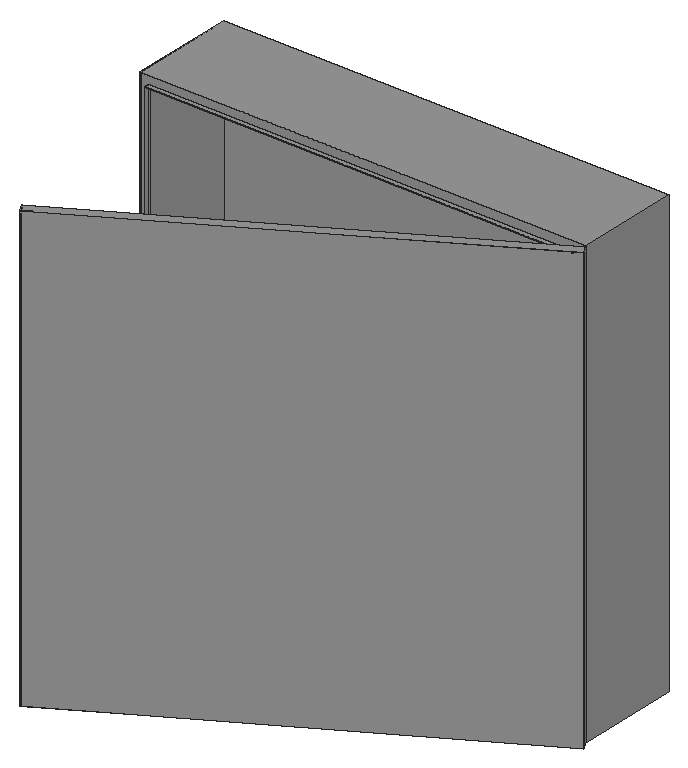
Revit family "Hager-Univers-IP54-D205-H800-Cl.I-encl-NoHosted-DE-de", category Equipement électrique, Revit 2020
Family settings
  Configuration du panneau = Deux colonnes, circuits au sein
  Cote de connecteur circulaire = Utiliser le diamètre
  Type d'élément = Tableau de raccordement
  Basée sur le plan de construction = Oui
  Toujours verticalement = Oui
  Couper avec des vides une fois chargée = Non
  Partagée = Non
  Point de calcul de pièce = Non
Parameters (values of type "Aufputz IP54 B800 H800 T205  - FP53TW2")
  Width Control [instance] = if([EF000008 - Breite] > Min Width, [EF000008 - Breite], Min Width)  # 800 mm
  Commentaires du type = [HG000003 - Bereich]  # "Univers"
  Thickness Door [instance] = if([EF009171 - Materialstärke Tür/Deckel] > 3 mm, 3 mm, [EF009171 - Materialstärke Tür/Deckel])  # 1 mm
  Seal Frame Offset [instance] = 17 mm  # constant formula
  Plinth Visibility [instance] = [HG000027 - Sockelhöhe] > 0 mm  # no
  Min Width [instance] = 100 mm  # constant formula
  Min Depth [instance] = (2 * [EF009170 - Materialstärke Gehäuse]) + 1 mm  # 3 mm
  Min Height [instance] = 100 mm  # constant formula
  Internal Frame Depth [instance] = (Door System Depth * 0.5)  # 9 mm
  Panel Name [instance] = ""  # (empty or 0)
  Model = ""
  HG000027 - Sockelhöhe = 0 mm
  HG000026 - Stehend auf dem Boden = no
  HG000024 - Höhe des unteren Teils = 600 mm
  HG000023 - Gehäuse mit doppeltem Querschnitt = no
  HG000016 - 3D-Türsichtbarkeit [instance] = yes
  HG000015 - Sichtbarkeit der Türöffnung [instance] = no
  HG000014 - Tür rechts [instance] = yes
  HG000013 - Tür links [instance] = not([HG000014 - Tür rechts])  # no
  HG000012 - Türschwenkwinkel [instance] = 30.00°
  HG000010 - Asymmetrische Türen = no
  HG000009 - Doppelflügeligen Tür = no
  HG000006 - Unterputz = no
  HG000004 - Herstellerreferenz = "FP53TW2"
  HG000003 - Bereich = "Univers"
  HG000002 - Mit tür = yes
  Frame Offset Bottom [instance] = 10 mm  # constant formula
  Frame Offset [instance] = 15 mm  # constant formula
  EF015940 - Deckel mit Überdruckentlastung = no
  EF011959 - Schutzart (NEMA) = ""
  EF009554 - Anzahl der Öffnungen für Flanschplatten = 6
  EF009212 - Ausführung Deckel = "EV000116 - geschlossen"
  EF009171 - Materialstärke Tür/Deckel = 1 mm
  EF009170 - Materialstärke Gehäuse = 1 mm
  EF008873 - Nennstrom (In) = 250 A
  EF007800 - Geeignet für Blitzschutz = no
  EF006306 - Mit Schloss = no
  EF006244 - Transparenter Deckel/Tür = no
  EF005474 - Schutzart (IP) = "EV006419 - IP54"
  EF004464 - Art der Tür = "EV002646 - Einzel"
  EF004427 - Anzahl der Module = 180
  EF004293 - Schlagfestigkeit = "EV006815 - IK09"
  EF003532 - Geeignet für Außengebrauch = no
  EF002950 - Breite in Teilungseinheiten = 36
  EF001613 - Funktionserhalt = "EV000494 - ohne"
  EF001596 - Werkstoff des Gehäuses = "EV000179 - Stahl"
  EF001131 - Innentiefe = 205 mm
  EF001088 - Anbaumöglichkeit = yes
  EF000437 - Anzahl der Leitungseinführungen = 6
  EF000339 - Art der Abdeckung = "EV001012 - Deckel"
  EF000266 - Anzahl der Reihen = 5
  EF000218 - Einbautiefe = 205 mm
  EF000118 - Mit Montageplatte = no
  EF000116 - RAL-Nummer = "9010"
  EF000049 - Tiefe = 205 mm
  EF000040 - Höhe = 800 mm
  EF000008 - Breite = 800 mm
  EF000007 - Farbe = "EV000202 - weiß"
  EF000003 - Montageart = "EV000384 - Aufputz"
  Door System Leaf Tolerance [instance] = 1.5 mm  # constant formula
  Door System Depth [instance] = 18 mm  # constant formula
  Door Height [instance] = Height Control - [HG000027 - Sockelhöhe]  # 800 mm
  Description = ""
  Default Elevation = 1219.2 mm
  Connector Offset [instance] = Height Control / 2  # 400 mm
  Fabricant = "Hager"  # constant formula
  Height Control [instance] = if([EF000040 - Höhe] > Min Height, [EF000040 - Höhe], Min Height)  # 800 mm
  Depth Control [instance] = if([EF000049 - Tiefe] > Min Depth, [EF000049 - Tiefe], Min Depth)  # 205 mm
  Bottom Top Plate Trim [instance] = 1.5 mm  # constant formula
  Plinth height Ctrl [instance] = if([HG000027 - Sockelhöhe] > 0 mm, [HG000027 - Sockelhöhe], 12 mm)  # 12 mm
Types (8, lengths in mm): name | Width Control | HG000004 - Herstellerreferenz | EF009554 - Anzahl der Öffnungen für Flanschplatten | EF004464 - Art der Tür | EF004427 - Anzahl der Module | EF002950 - Breite in Teilungseinheiten | EF000437 - Anzahl der Leitungseinführungen | EF000008 - Breite
  Aufputz IP54 B1050 H800 T205  - FP54TW2 | 1050 | "FP54TW2" | 8 | "EV003602 - Doppel" | 240 | 48 | 8 | 1050
  Aufputz IP54 B1300 H800 T205  - FP55TW | 1300 | "FP55TW" | 10 | "EV003602 - Doppel" | 300 | 60 | 10 | 1300
  Aufputz IP54 B1300 H800 T205  - FP55TW2 | 1300 | "FP55TW2" | 10 | "EV003602 - Doppel" | 300 | 60 | 10 | 1300
  Aufputz IP54 B300 H800 T205  - FP51TW2 | 300 | "FP51TW2" | 2 | "EV002646 - Einzel" | 60 | 12 | 2 | 300
  Aufputz IP54 B550 H800 T205  - FP52TW | 550 | "FP52TW" | 4 | "EV002646 - Einzel" | 120 | 24 | 4 | 550
  Aufputz IP54 B550 H800 T205  - FP52TW2 | 550 | "FP52TW2" | 4 | "EV002646 - Einzel" | 120 | 24 | 4 | 550
  Aufputz IP54 B800 H800 T205  - FP53TW | 800 | "FP53TW" | 6 | "EV002646 - Einzel" | 180 | 36 | 6 | 800
  Aufputz IP54 B800 H800 T205  - FP53TW2 | 800 | "FP53TW2" | 6 | "EV002646 - Einzel" | 180 | 36 | 6 | 800
Reference planes
  plane 1 "Center (Front/Back)": y = 0
  plane 2: z = 0
  plane 3 "Center (Left/Right)": x = 0
  plane 4: y = 0
  plane 5: y = 0
  plane 6: z = 0
  plane 7: x = -400
  plane 8: x = 400
  plane 9: x = 399
  plane 10: x = -399
  plane 11: z = 0
  plane 12: z = 1
  plane 13: y = -205
  plane 14: y = -1
  plane 15: x = 0
  plane 16: y = -187
  plane 17: y = -204
  plane 18: y = -186
  plane 19: x = -384
  plane 20: x = 384
  plane 21: z = 11
  plane 22: x = -383
  plane 23: x = 383
  plane 24: z = 0
  plane 25: z = 800
  plane 26: z = 800
  plane 27: z = 784
  plane 28: z = 799
Forms (mm)
  Extrusion 1, solid, material "Hager_Steel_RAL7035_Light_Grey", detail levels medium+fine
    sketch origin (-208.679, -4572, 0) x (-1, 0, 0) y (0, -1, 0)
      loop
        line (191.321, -4385) -> (-608.679, -4385) -> (-608.679, -4572) -> (191.321, -4572) -> (191.321, -4385)
    from 0 to 800
  Extrusion 2, void
    sketch origin (-350.771, -205, 1219.2) x (1, 0, 0) y (0, 0, 1)
      loop
        line (-48.229, -420.2) -> (-48.229, -1218.2) -> (749.771, -1218.2) -> (749.771, -420.2) -> (-48.229, -420.2)
    from -19 to -204
  Extrusion 3, void
    sketch origin (-290.084, -187, 1219.2) x (1, 0, 0) y (0, 0, 1)
      loop
        line (-93.916, -1208.2) -> (674.084, -1208.2) -> (674.084, -435.2) -> (-93.916, -435.2) -> (-93.916, -1208.2)
    from 0 to -1
  Extrusion 4, solid, material "Hager_Steel_RAL7035_Light_Grey", visible <- "Plinth Visibility", detail levels medium+fine
    sketch origin (0, 0, 0) x (1, 0, 0) y (0, 1, 0)
      loop
        line (-400, 0) -> (-400, -187) -> (400, -187) -> (400, 0) -> (-400, 0)
    from 0 to 12 <- "Plinth height Ctrl"
  Extrusion 5, solid, material "Hager_Steel_RAL7035_Light_Grey", detail levels coarse
    sketch origin (0, 0, 0) x (1, 0, 0) y (0, 1, 0)
      loop
        line (-400, 0) -> (-400, -205) -> (400, -205) -> (400, 0) -> (-400, 0)
    from 0 to 800 <- "Height Control"
  Sweep 6, void
    path in 3D
      loop
        line (-400, -187, 12) -> (400, -187, 12) -> (400, 0, 12) -> (-400, 0, 12) -> (-400, -187, 12)
    profile origin (-400, -93.5, 12) x (1, 0, 0) y (0, 0, 1)
      loop
        line (0, 0) -> (0, -1.5) -> (1.5, -1.5)
        arc (1.5, -1.5) -> (1.061, -0.439) -> (0, 0) r 1.5
  Extrusion 7, solid, material "Hager_Steel_RAL7035_Light_Grey", detail levels fine
    sketch origin (-400, -187, 0) x (1, 0, 0) y (0, 0, 1)
      loop
        line (16, 11) -> (784, 11) -> (784, 784) -> (16, 784) -> (16, 11)
      loop
        line (15, 10) -> (785, 10) -> (785, 785) -> (15, 785) -> (15, 10)
    from 0 to 9 <- "Internal Frame Depth"
Cuts and joins
  Extrusion 2, Extrusion 3 cuts Extrusion 1
  Sweep 6 cuts Extrusion 4
Lines and regions (mm)
  Masking region 1
    outline origin (0, 0, 0) x (1, 0, 0) y (0, 1, 0)
      loop
        line (-400, 0) -> (-400, -205) -> (400, -205) -> (400, 0) -> (-400, 0)
  Masking region 2, detail levels coarse
    outline origin (-290.084, -187, 1219.2) x (-1, 0, 0) y (0, 0, 1)
      loop
        line (-690.084, -1219.2) -> (109.916, -1219.2) -> (109.916, -419.2) -> (-690.084, -419.2) -> (-690.084, -1219.2)
  Masking region 3, detail levels coarse
    outline origin (0, 0, 0) x (0, 1, 0) y (0, 0, 1)
      loop
        line (0, 0) -> (0, 800) -> (-205, 800) -> (-205, 0) -> (0, 0)
  Masking region 4, visible <- "Plinth Visibility", detail levels medium+fine
    outline origin (0, 0, 0) x (0, 1, 0) y (0, 0, 1)
      loop
        line (-1.5, 12) -> (-185.5, 12)
        arc (-185.5, 12) -> (-185.939, 10.939) -> (-187, 10.5) r 1.5
        line (-187, 10.5) -> (-187, 0) -> (0, 0) -> (0, 10.5)
        arc (0, 10.5) -> (-1.061, 10.939) -> (-1.5, 12) r 1.5
  Masking region 5, detail levels medium+fine
    outline origin (0, 0, 594.038) x (0, 1, 0) y (0, 0, 1)
      loop
        line (0, -594.038) -> (0, 205.962) -> (-187, 205.962) -> (-187, -594.038) -> (0, -594.038)
  Masking region 6, detail levels medium+fine
    outline origin (-359.7, -187, 1211.883) x (-1, 0, 0) y (0, 0, 1)
      loop
        line (-759.7, -1211.883) -> (40.3, -1211.883) -> (40.3, -411.883) -> (-759.7, -411.883) -> (-759.7, -1211.883)
  Masking region 7, visible <- "Plinth Visibility", detail levels medium+fine
    outline origin (-320.334, -187, 1041.368) x (-1, 0, 0) y (0, 0, 1)
      loop
        line (-720.334, -1041.368) -> (79.666, -1041.368) -> (79.666, -1030.868)
        arc (79.666, -1030.868) -> (78.606, -1030.429) -> (78.166, -1029.368) r 1.5
        line (78.166, -1029.368) -> (-718.834, -1029.368)
        arc (-718.834, -1029.368) -> (-719.273, -1030.429) -> (-720.334, -1030.868) r 1.5
        line (-720.334, -1030.868) -> (-720.334, -1041.368)
  sketch lines
    curve 1: line (-400, 0, 12) -> (-400, -187, 12)
    curve 2: line (-400, -187, 12) -> (400, -187, 12)
    curve 3: line (400, 0, 12) -> (-400, 0, 12)
    curve 4: line (400, -187, 12) -> (400, 0, 12)
Dimensions and locks
  locked: plane 1 "Center (Front/Back)" to plane 5
  "EF009170 - Materialstärke Gehäuse": plane 7 to plane 10
  "EF009170 - Materialstärke Gehäuse": plane 8 to plane 9
  equal spacing: plane 7, plane 3 "Center (Left/Right)", plane 8
  "Width Control": plane 7 to plane 8
  "Depth Control": plane 4 to plane 13
  "EF009170 - Materialstärke Gehäuse": plane 4 to plane 14
  "Height Control": plane 25 to level
  "HG000027 - Sockelhöhe": plane 11 to level
  "EF009170 - Materialstärke Gehäuse": plane 12 to plane 11
  "EF009170 - Materialstärke Gehäuse": plane 17 to plane 13
  "EF009170 - Materialstärke Gehäuse": plane 18 to plane 16
  "Frame Offset Bottom": plane 21 to plane 12
  "Frame Offset": plane 10 to plane 19
  "Frame Offset": plane 9 to plane 20
  "Door System Depth": plane 16 to plane 13
  "Seal Frame Offset": plane 7 to plane 22
  "Seal Frame Offset": plane 8 to plane 23
  "EF009170 - Materialstärke Gehäuse": plane 26 to plane 28
  "Frame Offset": plane 28 to plane 27
  "Connector Offset": plane 2 to connector elem
  "Bottom Top Plate Trim": profile plane to Sweep 6 sketch curve
  "Bottom Top Plate Trim": Sweep 6 sketch curve to Sweep 6 sketch curve
  "Plinth height Ctrl": Masking region 4 sketch curve to level
  "Plinth height Ctrl": Masking region 7 sketch curve to level
  "Thickness Door": Extrusion 7 sketch curve to Extrusion 7 sketch curve  (x4)
  "Bottom Top Plate Trim": radius of Sweep 6 sketch curve
  "Bottom Top Plate Trim": radius of Masking region 4 sketch curve  (x2)
  "Bottom Top Plate Trim": radius of Masking region 7 sketch curve  (x2)
  aligned and locked: Extrusion 2 sketch curve to plane 12
  aligned and locked: Extrusion 2 sketch curve to plane 9
  aligned and locked: Extrusion 2 sketch curve to plane 10
  aligned and locked: Extrusion 2 to plane 14
  aligned and locked: Extrusion 1 sketch curve to plane 4
  aligned and locked: plane 8 to Extrusion 1 sketch curve
  aligned and locked: plane 7 to Extrusion 1 sketch curve
  aligned and locked: Extrusion 2 to plane 18
  aligned and locked: Extrusion 3 sketch curve to plane 19
  aligned and locked: plane 20 to Extrusion 3 sketch curve
  aligned and locked: Extrusion 3 to Extrusion 2
  aligned and locked: Extrusion 3 sketch curve to plane 21
  aligned and locked: plane 3 "Center (Left/Right)" to nested 1
  aligned and locked: Extrusion 1 sketch curve to plane 16
  aligned and locked: Extrusion 4 sketch curve to cut or joined group of Extrusion 1, Extrusion 2, Extrusion 3
  aligned and locked: Masking region 1 sketch curve to plane 7
  aligned and locked: Masking region 1 sketch curve to plane 5
  aligned and locked: Masking region 1 sketch curve to plane 8
  aligned and locked: Masking region 2 sketch curve to level
  aligned and locked: level to Masking region 3 sketch curve
  aligned and locked: plane 1 "Center (Front/Back)" to Masking region 3 sketch curve
  aligned and locked: plane 13 to Masking region 3 sketch curve
  aligned and locked: plane 5 to Masking region 4 sketch curve
  aligned and locked: Masking region 2 sketch curve to plane 8
  aligned and locked: Masking region 2 sketch curve to plane 7
  aligned and locked: plane 7 to nested 2
  aligned and locked: nested 2 to plane 5
  aligned and locked: plane 5 to Masking region 5 sketch curve
  aligned and locked: plane 26 to Masking region 5 sketch curve
  aligned and locked: Extrusion 5 sketch curve to plane 8
  aligned and locked: Extrusion 5 sketch curve to plane 7
  aligned and locked: Extrusion 5 sketch curve to plane 5
  aligned and locked: Extrusion 3 sketch curve to plane 27
  aligned and locked: Extrusion 2 sketch curve to plane 28
  aligned and locked: Masking region 2 to plane 25
  aligned and locked: Extrusion 4 to plane 16
  aligned and locked: profile plane to Sweep 6 sketch curve
  aligned and locked: Masking region 5 sketch curve to plane 24
  aligned and locked: level to Masking region 4 sketch curve
  aligned and locked: Masking region 1 to plane 13
  aligned and locked: nested 1 to plane 16
  aligned and locked: Masking region 3 to plane 25
  aligned and locked: plane 16 to Masking region 4 sketch curve
  aligned and locked: Masking region 5 sketch curve to plane 16
  aligned and locked: plane 24 to plane 11
  aligned and locked: plane 26 to plane 25
  aligned and locked: plane 26 to cut or joined group of Extrusion 1, Extrusion 2, Extrusion 3
  aligned and locked: nested 1 to plane 24
  aligned and locked: Extrusion 1 to Extrusion 3
  aligned and locked: Masking region 6 sketch curve to plane 8
  aligned and locked: Masking region 6 sketch curve to plane 24
  aligned and locked: Masking region 6 sketch curve to plane 7
  aligned and locked: Masking region 6 sketch curve to plane 26
  aligned and locked: Masking region 7 sketch curve to plane 7
  aligned and locked: level to Masking region 7 sketch curve
  aligned and locked: Masking region 7 sketch curve to plane 8
  aligned and locked: Extrusion 7 sketch curve to cut or joined group of Extrusion 1, Extrusion 2, Extrusion 3  (x4)
Automatic sketch dimensions
  plane 19 to Extrusion 3 sketch curve = 0 mm
  Extrusion 3 sketch curve to plane 20 = 0 mm
  Extrusion 3 sketch curve to plane 21 = 0 mm
  Extrusion 4 sketch curve to plane 7 = 0 mm
  Extrusion 4 sketch curve to plane 8 = 0 mm
  Extrusion 4 sketch curve to plane 16 = 0 mm
  Masking region 1 sketch curve to plane 13 = 0 mm
  Masking region 2 sketch curve to plane 25 = 0 mm
  Masking region 3 sketch curve to plane 25 = 0 mm
  Extrusion 5 sketch curve to plane 13 = 0 mm
  profile plane to Sweep 6 sketch curve = 0 mm
Nested families
  nested 1: "EC000058_Univers_Door" at (0, -187, 0), Double <- "HG000009 - Doppelflügeligen Tür", Transparent <- "EF006244 - Transparenter Deckel/Tür", Angle <- "HG000012 - Türschwenkwinkel", Door_Right <- "HG000014 - Tür rechts", Assymetrical <- "HG000010 - Asymmetrische Türen", Door <- "HG000002 - Mit tür", Width_Ctrl <- "Width Control", 3d_Door <- "HG000016 - 3D-Türsichtbarkeit", Clearance <- "HG000015 - Sichtbarkeit der Türöffnung", Door_Left <- "HG000013 - Tür links", Width <- "Width Control", Door_Depth <- "Door System Depth", Leaf_Tolerance <- "Door System Leaf Tolerance", Height <- "Door Height", Lock_Visibility <- "EF006306 - Mit Schloss", Thickness <- "Thickness Door", type "EC000058_Univers_Door", detail levels medium+fine
    with min_wh 3 mm, Width_Ctrl 800 mm, Width 800 mm, Transparent no, Thickness 1 mm, Seal_Material Hager_Rubber, Lock_Visibility no, Lock_Material Hager_Plastic_RAL9005_Jet_Black, Leaf_Width 800 mm, Leaf_Tolerance_External_Sides 0 mm, Leaf_Tolerance 1.5 mm, Leaf_Offset 0 mm, Leaf_Height 797 mm, Leaf_2_Width 800 mm, Leaf_2_Offset 400 mm, Leaf_1_Width 800 mm, Leaf_1_Offset 400 mm, Height_Ctrl 800 mm, Height 800 mm, Glass_Material Hager_Glass, Double_Clearance_Ctrl no, Double no, Door_Right_Ctrl yes, Door_Right yes, Door_Material Hager_Steel_RAL7035_Light_Grey, Door_Left_Ctrl no, Door_Left no, Door_Depth 18 mm, Door yes, Clearance_Material Hager_Clearance, Clearance_Depth 800 mm, Clearance_Ctrl no, Clearance no, Assymetrical no, Angle 30.00°, 3d_Door yes
  nested 2: "Hager_Enclosure_Symbol" at (-400, 0, 0), Height <- "Depth Control", Width <- "Width Control", type "Hager_Enclosure_Symbol"
    with Width_Ctrl 800 mm, Width 800 mm, Height_Ctrl 205 mm, Height 205 mm, A_Width_Int 13.453 mm, A_Width 161.438 mm, A_Height_Ctrl 179.375 mm, A_Height 179.375 mm
Connectors
  electrical at (0, 0, 400)
    settings: on plane 1 "Center (Front/Back)", index 1, voltage 0 V, apparent load 0 VA, apparent load phase1 0 VA, apparent load phase2 0 VA, apparent load phase3 0 VA, power factor 1, load classification "Other", number of poles 1, system type 30, power factor state 1, is connector primary yes, connector utility no, sub classification motor no, connector description ""
Definition of nested family "EC000058_Univers_Door"
  Parameters (values of type "EC000058_Univers_Door")
    min_wh [instance] = (2 * Thickness) + 1 mm  # 11 mm
    Width_Ctrl [instance] = 400 mm
    Width [instance] = 500 mm
    Transparent [instance] = yes
    Thickness [instance] = 5 mm
    Seal_Material [instance] = none
    Lock_Visibility [instance] = yes
    Lock_Material [instance] = none
    Leaf_Width [instance] = if((Width_Ctrl - 2 * Leaf_Tolerance_External_Sides) > 0 mm, (Width_Ctrl - 2 * Leaf_Tolerance_External_Sides), min_wh)  # 400 mm
    Leaf_Tolerance_External_Sides [instance] = 0 mm  # constant formula
    Leaf_Tolerance [instance] = 1.5 mm
    Leaf_Offset [instance] = 0 mm  # constant formula
    Leaf_Height [instance] = if((Height_Ctrl - 2 * Leaf_Tolerance) > 0 mm, (Height_Ctrl - 2 * Leaf_Tolerance), min_wh)  # 497 mm
    Leaf_2_Width [instance] = if(and(and(Double, Assymetrical), Door_Left), (Leaf_Width / 3) - (Leaf_Tolerance / 2), if(and(and(Double, Assymetrical), Door_Right), (Leaf_Width / 3) * 2 - (Leaf_Tolerance / 2), if(and(Double, not(Assymetrical)), (Leaf_Width / 2) - Leaf_Tolerance, Leaf_Width)))  # 400 mm
    Leaf_2_Offset [instance] = if(and(Double, Assymetrical), Leaf_2_Width / 2, if(and(Double, not(Assymetrical)), Leaf_Width / 4, Leaf_Width / 2))  # 200 mm
    Leaf_1_Width [instance] = if(and(and(Double, Assymetrical), Door_Right), (Leaf_Width / 3) - (Leaf_Tolerance / 2), if(and(and(Double, Assymetrical), Door_Left), (Width / 3) * 2 - (Leaf_Tolerance / 2), if(and(Double, not(Assymetrical)), (Leaf_Width / 2) - Leaf_Tolerance, Leaf_Width)))  # 400 mm
    Leaf_1_Offset [instance] = if(and(Double, Assymetrical), Leaf_1_Width / 2, if(and(Double, not(Assymetrical)), Leaf_Width / 4, Leaf_Width / 2))  # 200 mm
    Height_Ctrl [instance] = if(Height > min_wh, Height, min_wh)  # 500 mm
    Height [instance] = 500 mm
    Glass_Material [instance] = none
    Double_Clearance_Ctrl [instance] = and(Double, Clearance)  # no
    Double [instance] = no
    Door_Right_Ctrl [instance] = and(or(Door_Right, Double), Door)  # yes
    Door_Right [instance] = yes
    Door_Material [instance] = none
    Door_Left_Ctrl [instance] = and(or(Door_Left, Double), Door)  # no
    Door_Left [instance] = no
    Door_Depth [instance] = 30 mm
    Door [instance] = yes
    Default Elevation = 1219.2 mm
    Clearance_Material [instance] = none
    Clearance_Depth [instance] = if(Leaf_1_Width > Leaf_2_Width, Leaf_1_Width, Leaf_2_Width)  # 400 mm
    Clearance_Ctrl [instance] = and(not(Double), Clearance)  # yes
    Clearance [instance] = yes
    Assymetrical [instance] = yes
    Angle [instance] = 30.00°
    3d_Door [instance] = yes
  Reference planes
    plane 1 "Center (Front/Back)": y = 0
    plane 2 "Bottom": z = 0
    plane 3 "Center (Left/Right)": x = 0
    plane 4: z = 500
    plane 5: x = -200
    plane 6: x = 200
    plane 7: z = 500
    plane 8: x = -200
    plane 9: z = 0
    plane 10: x = 200
    plane 11: y = 0
    plane 12: z = 1.5
    plane 13: x = -600
    plane 14: y = -400
    plane 15: x = 600
    plane 16: x = 0
    plane 17: x = 0
    plane 18: x = -200
    plane 19: x = 200
    plane 20: z = 498.5
  Forms (mm)
    Extrusion 1, solid, material <- "Clearance_Material", visible <- "Double_Clearance_Ctrl"
      sketch origin (1200, 0, 0) x (1, 0, 0) y (0, 0, -1)
        loop
          line (-1800, -498.5) -> (-600, -498.5) -> (-600, 0) -> (-1800, 0) -> (-1800, -498.5)
      from 0 to -400
  Dimensions and locks
    equal spacing: plane 5, plane 3 "Center (Left/Right)", plane 6
    "Width_Ctrl": plane 5 to plane 6
    "Leaf_Offset": plane 5 to plane 8
    "Leaf_Offset": plane 6 to plane 10
    "Leaf_Offset": plane 9 to level
    "Leaf_Offset": plane 4 to plane 7
    "Height_Ctrl": plane 4 to level
    "Leaf_Tolerance": plane 12 to plane 9
    locked: plane 11 to plane 1 "Center (Front/Back)"
    "Leaf_1_Offset": plane 18 to plane 16
    "Leaf_2_Offset": plane 17 to plane 19
    "Leaf_1_Width": plane 13 to plane 8
    "Leaf_2_Width": plane 10 to plane 15
    "Clearance_Depth": plane 14 to plane 1 "Center (Front/Back)"
    "Leaf_Tolerance_External_Sides": plane 8 to plane 18
    "Leaf_Tolerance_External_Sides": plane 19 to plane 10
    "Leaf_Tolerance": plane 7 to plane 20
    aligned and locked: level to plane 2 "Bottom"
    aligned and locked: nested 1 to plane 16
    aligned and locked: nested 2 to plane 17
    aligned and locked: Extrusion 1 to plane 13
    aligned and locked: plane 15 to Extrusion 1
    aligned and locked: Extrusion 1 to plane 14
    aligned and locked: plane 12 to nested 1
    aligned and locked: nested 2 to plane 12
    aligned and locked: Extrusion 1 to plane 11
    aligned and locked: plane 20 to Extrusion 1
    aligned and locked: nested 2 to plane 11
    aligned and locked: nested 1 to plane 11
  Automatic sketch dimensions
    Extrusion 1 sketch curve to level = 0 mm
    plane 5 to Extrusion 1 sketch curve = 400 mm
    plane 6 to Extrusion 1 sketch curve = 400 mm
    Extrusion 1 sketch curve to plane 4 = 1.5 mm
  Nested families
    nested 1: "EC000058_Univers_Door_Leaf" at (0, 0, 1.5), Width <- "Leaf_1_Width", visible <- "Door_Left_Ctrl", Leaf_Height <- "Leaf_Height", Angle <- "Angle", 3d_Door <- "3d_Door", Transparent <- "Transparent", Clearance Material <- "Clearance_Material", Clearance <- "Clearance_Ctrl", Door_Material <- "Door_Material", Glass_Material <- "Glass_Material", Door_Depth <- "Door_Depth", Lock_Material <- "Lock_Material", Seal_Material <- "Seal_Material", Lock_Visibility <- "Lock_Visibility", Thickness <- "Thickness", type "EC000058_Univers_Door_Leaf"
      with Width 400 mm, Transparent_Glass_Offset 30 mm, Transparent_Ctrl yes, Transparent yes, Thickness 5 mm, Standard no, Seal_Material none, Seal_D2 8 mm, Seal_D1 1 mm, Offset_Internal_Frame 10 mm, Lock_Width 20 mm, Lock_Visibility_3d yes, Lock_Visibility yes, Lock_Thickness_3 3 mm, Lock_Thickness_2 1 mm, Lock_Thickness_1 3 mm, Lock_Radius_Offset_2 16 mm, Lock_Radius_Offset_1 15 mm, Lock_Radius_2 5 mm, Lock_Radius 6 mm, Lock_Offset 5 mm, Lock_Material none, Lock_Height 80 mm, Lock_Cover_Top_Offset_2d 17 mm, Lock_Cover_Height -65 mm, Leaf_Height 497 mm, Internal_Seal_Thickness 8 mm, Internal_Seal_Depth_2 4.5 mm, Internal_Frame_Depth 25 mm, Glass_Thickness -1 mm, Glass_Offset -2 mm, Glass_Material none, Door_Material none, Door_Depth 30 mm, Clearance Material none, Clearance yes, Angle_Ctrl 30.00°, Angle 30.00°, 3d_Door yes
    nested 2: "EC000058_Univers_Door_Leaf" at (0, 0, 1.5) x (-1, 0, 0) z (0, 0, 1), Width <- "Leaf_2_Width", visible <- "Door_Right_Ctrl", Leaf_Height <- "Leaf_Height", Angle <- "Angle", 3d_Door <- "3d_Door", Transparent <- "Transparent", Clearance Material <- "Clearance_Material", Clearance <- "Clearance_Ctrl", Door_Material <- "Door_Material", Glass_Material <- "Glass_Material", Door_Depth <- "Door_Depth", Lock_Material <- "Lock_Material", Seal_Material <- "Seal_Material", Lock_Visibility <- "Lock_Visibility", Thickness <- "Thickness", type "EC000058_Univers_Door_Leaf"
      with Width 400 mm, Transparent_Glass_Offset 30 mm, Transparent_Ctrl yes, Transparent yes, Thickness 5 mm, Standard no, Seal_Material none, Seal_D2 8 mm, Seal_D1 1 mm, Offset_Internal_Frame 10 mm, Lock_Width 20 mm, Lock_Visibility_3d yes, Lock_Visibility yes, Lock_Thickness_3 3 mm, Lock_Thickness_2 1 mm, Lock_Thickness_1 3 mm, Lock_Radius_Offset_2 16 mm, Lock_Radius_Offset_1 15 mm, Lock_Radius_2 5 mm, Lock_Radius 6 mm, Lock_Offset 5 mm, Lock_Material none, Lock_Height 80 mm, Lock_Cover_Top_Offset_2d 17 mm, Lock_Cover_Height -65 mm, Leaf_Height 497 mm, Internal_Seal_Thickness 8 mm, Internal_Seal_Depth_2 4.5 mm, Internal_Frame_Depth 25 mm, Glass_Thickness -1 mm, Glass_Offset -2 mm, Glass_Material none, Door_Material none, Door_Depth 30 mm, Clearance Material none, Clearance yes, Angle_Ctrl 30.00°, Angle 30.00°, 3d_Door yes
  Definition of nested family "EC000058_Univers_Door_Leaf"
    Parameters (values of type "EC000058_Univers_Door_Leaf")
      Width [instance] = 2000 mm
      Transparent_Glass_Offset [instance] = 30 mm
      Transparent_Ctrl [instance] = and(Transparent, [3d_Door])  # yes
      Transparent [instance] = yes
      Thickness [instance] = 5 mm
      Standard [instance] = and(not(Transparent), [3d_Door])  # no
      Seal_Material [instance] = none
      Seal_D2 [instance] = 8 mm  # constant formula
      Seal_D1 [instance] = 1 mm  # constant formula
      Offset_Internal_Frame [instance] = 10 mm  # constant formula
      Lock_Width [instance] = 20 mm  # constant formula
      Lock_Visibility_3d [instance] = and(Lock_Visibility, [3d_Door])  # yes
      Lock_Visibility [instance] = yes
      Lock_Thickness_3 [instance] = 3 mm  # constant formula
      Lock_Thickness_2 [instance] = 1 mm  # constant formula
      Lock_Thickness_1 [instance] = 3 mm  # constant formula
      Lock_Radius_Offset_2 [instance] = Lock_Radius_Offset_1 + 1 mm  # 16 mm
      Lock_Radius_Offset_1 [instance] = 15 mm  # constant formula
      Lock_Radius_2 [instance] = Lock_Radius - 1 mm  # 5 mm
      Lock_Radius [instance] = 6 mm  # constant formula
      Lock_Offset [instance] = 5 mm  # constant formula
      Lock_Material [instance] = none
      Lock_Height [instance] = 80 mm  # constant formula
      Lock_Cover_Top_Offset_2d [instance] = Lock_Radius_Offset_2 + 1 mm  # 17 mm
      Lock_Cover_Height [instance] = -(Lock_Height - Lock_Radius_Offset_1)  # -65 mm
      Leaf_Height [instance] = 2720.336 mm
      Internal_Seal_Thickness [instance] = 8 mm  # constant formula
      Internal_Seal_Depth_2 [instance] = 4.5 mm  # constant formula
      Internal_Frame_Depth [instance] = if(Door_Depth - Thickness > 5 mm, Door_Depth - Thickness, 5 mm)  # 25 mm
      Glass_Thickness [instance] = if(Thickness > 15 mm, Glass_Offset + 10 mm, -1 mm)  # -1 mm
      Glass_Offset [instance] = if(Thickness > 15 mm, -(Thickness + 10 mm) / 2, -2 mm)  # -2 mm
      Glass_Material [instance] = none
      Door_Material [instance] = none
      Door_Depth [instance] = 30 mm
      Default Elevation = 0 mm
      Clearance Material [instance] = none
      Clearance [instance] = yes
      Angle_Ctrl [instance] = if(Angle > 180.00°, 180.00°, Angle)  # 90.00°
      Angle [instance] = 90.00°
      3d_Door [instance] = yes
    Reference planes
      plane 1 "Center (Front/Back)": y = 0
      plane 2: z = 0
      plane 3 "Center (Left/Right)": x = 0
      plane 4: y = 2000
      plane 5: x = -1000
      plane 6: x = 1000
      plane 7: x = -3000
      plane 8: z = 2720.336
      plane 9: z = 30
      plane 10: z = 2690.336
      plane 11: x = 970
      plane 12: x = -970
      plane 13: y = -3
      plane 14: z = 107.833
      plane 15: y = -5
      plane 16: y = -223.314
      plane 17: x = -1000
      plane 18: z = 1360.168
      plane 19: y = 30
    Forms (mm)
      Extrusion 1, solid, material <- "Clearance Material", visible <- "Clearance"
        sketch origin (0, 0, 0) x (1, 0, 0) y (0, 0, 1)
          loop
            line (-3000, 2720.336) -> (-3000, 0) -> (1000, 0) -> (1000, 2720.336) -> (-3000, 2720.336)
        from 0 to -2000
      Extrusion 2, solid, material <- "Door_Material", visible <- "Standard", detail levels medium+fine
        sketch origin (-1000, 0, 0) x (0, 1, 0) y (-1, 0, 0)
          loop
            line (0, 30) -> (0, 25) -> (2000, 25) -> (2000, 30) -> (0, 30)
        from 0 to 2720.336 <- "Leaf_Height"
      Extrusion 3, solid, material <- "Door_Material", visible <- "Transparent_Ctrl", detail levels medium+fine
        sketch origin (-1000, 0, 0) x (0, 1, 0) y (-1, 0, 0)
          loop
            line (0, 25) -> (2000, 25) -> (2000, 30) -> (0, 30) -> (0, 25)
        from 0 to 2720.336 <- "Leaf_Height"
      Extrusion 4, void
        sketch origin (-1025, 2000, 0) x (0, 1, 0) y (0, 0, -1)
          loop
            line (-30, -2690.336) -> (-30, -30) -> (-1970, -30) -> (-1970, -2690.336) -> (-30, -2690.336)
        from 0 to 5 <- "Thickness"
      Sweep 5, solid, material <- "Seal_Material", visible <- "Transparent_Ctrl", detail levels fine
        path in 3D
          loop
            line (-1025, 30, 30) -> (-1025, 30, 2690.336) -> (-1025, 1970, 2690.336) -> (-1025, 1970, 30) -> (-1025, 30, 30)
        profile origin (-1025, 1000, 30) x (1, 0, 0) y (0, 0, 1)
          loop
            line (0, 0) -> (0, -8) -> (1, -8) -> (1, 0) -> (0, 0)
      Extrusion 6, solid, material <- "Glass_Material", visible <- "Transparent_Ctrl", detail levels medium+fine
        sketch origin (-1030, 0, 0) x (0, 1, 0) y (0, 0, -1)
          loop
            line (1970, -2690.336) -> (1970, -30) -> (30, -30) -> (30, -2690.336) -> (1970, -2690.336)
        from -2 <- "Glass_Offset" to -1 <- "Glass_Thickness"
      Extrusion 7, solid, material <- "Door_Material", visible <- "3d_Door", detail levels medium+fine
        sketch origin (-1025, 2000, 0) x (0, -1, 0) y (0, 0, -1)
          loop
            line (0, -2720.336) -> (2000, -2720.336) -> (2000, 0) -> (0, 0) -> (0, -2720.336)
          loop
            line (1995, -5) -> (5, -5) -> (5, -2715.336) -> (1995, -2715.336) -> (1995, -5)
        from 0 to 25 <- "Internal_Frame_Depth"
      Sweep 8, solid, material <- "Seal_Material", visible <- "Transparent_Ctrl", detail levels fine
        path in 3D
          loop
            line (-1025, 0, 0) -> (-1025, 2000, 0) -> (-1025, 2000, 2720.336) -> (-1025, 0, 2720.336) -> (-1025, 0, 0)
        profile origin (-1025, 0, 1360.168) x (1, 0, 0) y (0, 1, 0)
          loop
            line (0, 10) -> (2.975, 10)
            arc (2.975, 10) -> (4.053, 10.447) -> (4.5, 11.525) r 1.525
            line (4.5, 11.525) -> (4.5, 16.527)
            arc (4.5, 16.527) -> (4.069, 17.569) -> (3.027, 18) r 1.473
            line (3.027, 18) -> (0, 18) -> (0, 10)
      Extrusion 9, solid, material <- "Lock_Material", visible <- "Lock_Visibility_3d", detail levels fine
        sketch origin (-1030, 0, 0) x (0, 1, 0) y (0, 0, -1)
          loop
            arc (1993.5, -1400.168) -> (1994.561, -1399.729) -> (1995, -1398.668) r 1.5
            line (1995, -1398.668) -> (1995, -1320.168) -> (1975, -1320.168) -> (1975, -1398.668)
            arc (1975, -1398.668) -> (1975.439, -1399.729) -> (1976.5, -1400.168) r 1.5
            line (1976.5, -1400.168) -> (1993.5, -1400.168)
        from 3 <- "Lock_Thickness_1" to 0
      Blend 10, solid, material <- "Lock_Material", visible <- "Lock_Visibility_3d", detail levels fine
        base sketch origin (-1033, 0, 0) x (0, 1, 0) y (0, 0, -1)
          loop
            line (1975, -1320.168) -> (1975, -1398.668)
            arc (1975, -1398.668) -> (1975.439, -1399.729) -> (1976.5, -1400.168) r 1.5
            line (1976.5, -1400.168) -> (1993.5, -1400.168)
            arc (1993.5, -1400.168) -> (1994.561, -1399.729) -> (1995, -1398.668) r 1.5
            line (1995, -1398.668) -> (1995, -1320.168) -> (1975, -1320.168)
        top sketch origin (-1033, 0, 0) x (0, 1, 0) y (0, 0, -1)
          loop
            line (1976, -1320.168) -> (1976, -1398.668)
            arc (1976, -1398.668) -> (1976.146, -1399.022) -> (1976.5, -1399.168) r 0.5
            line (1976.5, -1399.168) -> (1993.5, -1399.168)
            arc (1993.5, -1399.168) -> (1993.854, -1399.022) -> (1994, -1398.668) r 0.5
            line (1994, -1398.668) -> (1994, -1320.168) -> (1976, -1320.168)
        from 0 to 1 <- "Lock_Thickness_2"
      Blend 11, solid, material <- "Lock_Material", visible <- "Lock_Visibility_3d", detail levels fine
        base sketch origin (-1034, 0, 0) x (0, 1, 0) y (0, 0, -1)
          loop
            line (1978, -1320.168) -> (1978, -1384.168)
            arc (1978, -1384.168) -> (1985, -1391.168) -> (1992, -1384.168) r 7
            line (1992, -1384.168) -> (1992, -1320.168) -> (1978, -1320.168)
        top sketch origin (-1034, 0, 0) x (0, 1, 0) y (0, 0, -1)
          loop
            line (1991, -1320.168) -> (1979, -1320.168) -> (1979, -1383.168)
            arc (1979, -1383.168) -> (1985, -1389.168) -> (1991, -1383.168) r 6
            line (1991, -1383.168) -> (1991, -1320.168)
        from 0 to 3 <- "Lock_Thickness_3"
      Extrusion 12, solid, material <- "Lock_Material", visible <- "Lock_Visibility_3d", detail levels fine
        sketch origin (-1030, 1975, 1320.168) x (1, 0, 0) y (0, -1, 0)
          loop
            line (-7, -19) -> (-7, -1) -> (0, -1) -> (0, 0) -> (-8, 0) -> (-8, -20) -> (0, -20) -> (0, -19) -> (-7, -19)
        from 0 to -65 <- "Lock_Cover_Height"
      Extrusion 13, void
        sketch origin (-1038, 1995, 1320.168) x (-1, 0, 0) y (0, 0, -1)
          loop
            line (-5, -65) -> (0, -65) -> (-5, -60) -> (-5, -65)
        from 0 to 20 <- "Lock_Width"
      Extrusion 14, void
        sketch origin (-1038, 1975, 1320.168) x (0, -1, 0) y (0, 0, -1)
          loop
            circle (-10, -15.995) r 6
          loop
            circle (-10, -15.995) r 5
        from 0 to 2
      Extrusion 15, solid, material <- "Lock_Material", visible <- "Lock_Visibility_3d", detail levels medium
        sketch origin (-1030, 0, 0) x (0, 1, 0) y (0, 0, -1)
          loop
            arc (1993.5, -1400.168) -> (1994.561, -1399.729) -> (1995, -1398.668) r 1.5
            line (1995, -1398.668) -> (1995, -1320.168) -> (1975, -1320.168) -> (1975, -1398.668)
            arc (1975, -1398.668) -> (1975.439, -1399.729) -> (1976.5, -1400.168) r 1.5
            line (1976.5, -1400.168) -> (1993.5, -1400.168)
        from 8 to 0
    Cuts and joins
      Extrusion 4 cuts Extrusion 3
      Extrusion 13, Extrusion 14 cuts Extrusion 9
      Extrusion 14 cuts Blend 11
      Extrusion 13, Extrusion 14 cuts Extrusion 12
      joined: Extrusion 9, Blend 10, Blend 11, Extrusion 12
      Extrusion 14 cuts Extrusion 15
    Lines and regions (mm)
      Masking region 1, visible <- "Lock_Visibility", detail levels fine
        outline origin (0, 0, 0) x (0, 1, 0) y (0, 0, 1)
          loop
            line (30, 1320.168) -> (33, 1320.168) -> (33, 1400.168) -> (30, 1400.168) -> (30, 1320.168)
      Masking region 2, visible <- "Lock_Visibility", detail levels fine
        outline origin (0, 3.143, 0) x (0, 1, 0) y (0, 0, 1)
          loop
            line (29.857, 1354.168) -> (30.857, 1354.168) -> (30.857, 1366.168) -> (29.857, 1366.168) -> (29.857, 1354.168)
      Masking region 3, detail levels medium+fine
        outline origin (0, 0, 0) x (0, 1, 0) y (0, 0, 1)
          loop
            line (0, 0) -> (30, 0) -> (30, 2720.336) -> (0, 2720.336) -> (0, 0)
      Masking region 4, detail levels medium+fine
        outline origin (0, 0, 0) x (1, 0, 0) y (0, 0, 1)
          loop
            line (-1000, 2720.336) -> (-1000, 0) -> (1000, 0) -> (1000, 2720.336) -> (-1000, 2720.336)
      Masking region 5, visible <- "Lock_Visibility", detail levels fine
        outline origin (-47.116, 0, 0) x (1, 0, 0) y (0, 0, 1)
          loop
            arc (1024.616, 1399.168) -> (1023.556, 1398.729) -> (1023.116, 1397.668) r 1.5
            line (1023.116, 1397.668) -> (1023.116, 1320.168) -> (1041.116, 1320.168) -> (1041.116, 1397.668)
            arc (1041.116, 1397.668) -> (1040.677, 1398.729) -> (1039.616, 1399.168) r 1.5
            line (1039.616, 1399.168) -> (1024.616, 1399.168)
      Masking region 6, visible <- "Lock_Visibility", detail levels medium+fine
        outline origin (-25, 0, 0) x (1, 0, 0) y (0, 0, 1)
          loop
            arc (1001.5, 1400.168) -> (1000.439, 1399.729) -> (1000, 1398.668) r 1.5
            line (1000, 1398.668) -> (1000, 1320.168) -> (1020, 1320.168) -> (1020, 1398.668)
            arc (1020, 1398.668) -> (1019.561, 1399.729) -> (1018.5, 1400.168) r 1.5
            line (1018.5, 1400.168) -> (1001.5, 1400.168)
      Masking region 7, visible <- "Lock_Visibility", detail levels fine
        outline origin (-73.735, 0, 0) x (1, 0, 0) y (0, 0, 1)
          loop
            line (1051.735, 1382.168) -> (1065.735, 1382.168) -> (1065.735, 1384.168)
            arc (1065.735, 1384.168) -> (1058.735, 1391.168) -> (1051.735, 1384.168) r 7
            line (1051.735, 1384.168) -> (1051.735, 1382.168)
      Masking region 8, visible <- "Lock_Visibility", detail levels fine
        outline origin (-73.735, 0, 0) x (1, 0, 0) y (0, 0, 1)
          loop
            line (1052.735, 1382.168) -> (1064.735, 1382.168) -> (1064.735, 1383.168)
            arc (1064.735, 1383.168) -> (1058.735, 1389.168) -> (1052.735, 1383.168) r 6
            line (1052.735, 1383.168) -> (1052.735, 1382.168)
      Masking region 9, visible <- "Lock_Visibility", detail levels fine
        outline origin (-25, 0, 0) x (1, 0, 0) y (0, 0, 1)
          loop
            line (1020, 1320.168) -> (1020, 1382.168) -> (1000, 1382.168) -> (1000, 1320.168) -> (1020, 1320.168)
      Masking region 10, detail levels medium+fine
        outline origin (0, 0, 0) x (1, 0, 0) y (0, 0, 1)
          loop
            circle (985, 1335.144) r 6
      Masking region 11, detail levels fine
        outline origin (0, 0, 0) x (1, 0, 0) y (0, 0, 1)
          loop
            circle (985, 1335.144) r 5
      Masking region 12, visible <- "Lock_Visibility", detail levels fine
        outline origin (0, 12.767, 0) x (0, 1, 0) y (0, 0, 1)
          loop
            line (20.233, 1320.168) -> (21.233, 1320.168) -> (21.233, 1399.168) -> (20.233, 1400.168) -> (20.233, 1320.168)
      Masking region 13, visible <- "Lock_Visibility", detail levels fine
        outline origin (0, 13.767, -10) x (0, 1, 0) y (0, 0, 1)
          loop
            line (20.233, 1330.168) -> (23.233, 1330.168) -> (23.233, 1399.168) -> (20.233, 1402.168) -> (20.233, 1330.168)
      Masking region 14, visible <- "Lock_Visibility", detail levels fine
        outline origin (0, 12.767, -10) x (0, 1, 0) y (0, 0, 1)
          loop
            line (20.233, 1330.168) -> (25.233, 1330.168) -> (25.233, 1399.305) -> (20.233, 1394.305) -> (20.233, 1330.168)
      Masking region 15, visible <- "Lock_Visibility", detail levels medium
        outline origin (0, 0, 0) x (0, 1, 0) y (0, 0, 1)
          loop
            line (30, 1320.168) -> (38, 1320.168) -> (38, 1400.168) -> (30, 1400.168) -> (30, 1320.168)
      Masking region 16, visible <- "Lock_Visibility", detail levels fine
        outline origin (-1000, 0, 0) x (0, 1, 0) y (-1, 0, 0)
          loop
            line (1975, 30) -> (1995, 30) -> (1995, 38) -> (1975, 38) -> (1975, 30)
          loop
            line (1979, 37) -> (1976, 37) -> (1976, 34) -> (1978, 34) -> (1979, 37)
          loop
            line (1994, 37) -> (1991, 37) -> (1992, 34) -> (1994, 34) -> (1994, 37)
      Masking region 17, visible <- "Lock_Visibility", detail levels medium
        outline origin (-1000, 0, 0) x (0, 1, 0) y (-1, 0, 0)
          loop
            line (1975, 30) -> (1995, 30) -> (1995, 38) -> (1975, 38) -> (1975, 30)
      symbolic lines
        curve 1: line (1000, 0, 0) -> (-3000, 0, 0)
        curve 2: arc (1000, 0, 0) -> (-1000, 2000, 0) -> (-3000, 0, 0) r 2000
        curve 4: line (-1030, 0, 0) -> (-1030, 2000, 0)
      reference lines
        curve 3: line (-1000, 0, 0) -> (-1000, 2000, 0)
      symbolic lines, detail levels medium+fine
        curve 5: line (-1030, 2000, 0) -> (-1025, 2000, 0)
        curve 7: line (-1025, 0, 0) -> (-1030, 0, 0)
        curve 8: line (-1025, 0, 0) -> (-1000, 0, 0)
        curve 9: line (-1000, 0, 0) -> (-1000, 2000, 0)
        curve 10: line (-1000, 2000, 0) -> (-1025, 2000, 0)
      symbolic lines, detail levels fine
        curve 6: line (-1025, 2000, 0) -> (-1025, 0, 0)
      sketch lines
        curve 11: line (-1025, 0, 2720.336) -> (-1025, 0, 0)
        curve 12: line (-1025, 2000, 0) -> (-1025, 0, 0)
        curve 13: line (-1025, 2000, 2720.336) -> (-1025, 2000, 0)
        curve 14: line (-1025, 0, 2720.336) -> (-1025, 2000, 2720.336)
        curve 15: line (-1025, 1970, 30) -> (-1025, 30, 30)
        curve 16: line (-1025, 30, 30) -> (-1025, 30, 2690.336)
        curve 17: line (-1025, 1970, 2690.336) -> (-1025, 1970, 30)
        curve 18: line (-1025, 30, 2690.336) -> (-1025, 1970, 2690.336)
      symbolic lines, visible <- "Transparent", detail levels medium+fine
        curve 19: line (-970, 0, 2690.336) -> (970, 0, 2690.336)
        curve 20: line (-970, 0, 30) -> (-970, 0, 2690.336)
        curve 21: line (970, 0, 30) -> (-970, 0, 30)
        curve 22: line (970, 0, 2690.336) -> (970, 0, 30)
    Dimensions and locks
      "Width": plane 1 "Center (Front/Back)" to plane 4
      equal spacing: plane 5, plane 3 "Center (Left/Right)", plane 6
      "Width": plane 5 to plane 6
      "Width": plane 7 to plane 5
      "Leaf_Height": plane 8 to level
      "Width": curve 5 to curve 3
      "Width": curve 3 to curve 3
      plane 8 to plane 10 = 30 mm
      plane 9 to level = 30 mm
      plane 12 to plane 5 = 30 mm
      plane 6 to plane 11 = 30 mm
      Extrusion 1 to Extrusion 4 sketch curve = 30 mm
      "Transparent_Glass_Offset": curve 3 to Extrusion 4 sketch curve
      "Transparent_Glass_Offset": Extrusion 4 sketch curve to cut or joined group of Extrusion 3, Extrusion 4  (x2)
      cut or joined group of Extrusion 3, Extrusion 4 to Extrusion 6 sketch curve = 30 mm
      "Transparent_Glass_Offset": cut or joined group of Extrusion 3, Extrusion 4 to Extrusion 4 sketch curve
      "Thickness": curve 6 to curve 4
      "Thickness": Extrusion 7 sketch curve to Extrusion 7 sketch curve  (x4)
      "Door_Depth": curve 4 to curve 3
      "Offset_Internal_Frame": profile plane to Sweep 8 sketch curve
      "Internal_Seal_Thickness": Sweep 8 sketch curve to Sweep 8 sketch curve
      "Internal_Seal_Depth_2": profile plane to Sweep 8 sketch curve
      "Seal_D1": profile plane to Sweep 5 sketch curve
      "Seal_D2": profile plane to Sweep 5 sketch curve
      "Thickness": Extrusion 2 sketch curve to Extrusion 2 sketch curve
      equal spacing: Extrusion 9 sketch curve, plane 18, Extrusion 9 sketch curve  (x2)
      equal spacing: Masking region 1 sketch curve, plane 18, Masking region 1 sketch curve
      "Lock_Height": Masking region 1 sketch curve to Masking region 1 sketch curve
      "Lock_Radius": Masking region 2 sketch curve to plane 18 to Masking region 2 sketch curve
      Masking region 2 sketch curve to Masking region 1 = 1 mm
      "Door_Depth": plane 19 to plane 1 "Center (Front/Back)"
      "Lock_Thickness_1": Masking region 1 sketch curve to plane 19
      "Lock_Width": Extrusion 9 sketch curve to Extrusion 9 sketch curve
      "Lock_Height": Extrusion 9 sketch curve to Extrusion 9 sketch curve
      "Lock_Offset": cut or joined group of Extrusion 3, Extrusion 4 to Extrusion 9 sketch curve
      equal spacing: plane 8, plane 18, level
      "Lock_Radius_Offset_1": Blend 11 sketch curve to Blend 10
      locked: Blend 10 to Blend 11 sketch curve at 2  (x2)
      locked: var sketch to Blend 11 sketch curve at 1  (x2)
      "Lock_Radius_Offset_2": Blend 11 sketch curve to Blend 10
      locked: Extrusion 12 sketch curve to Extrusion 12 sketch curve at 1  (x3)
      Masking region 6 sketch curve to Masking region 6 sketch curve = 80 mm
      "Lock_Height": Masking region 6 sketch curve to Masking region 6 sketch curve
      "Lock_Width": Masking region 6 sketch curve to Masking region 6 sketch curve
      locked: Masking region 6 to Masking region 5 sketch curve at 1  (x3)
      locked: Masking region 5 to Masking region 7 sketch curve at 2  (x2)
      "Lock_Radius_Offset_1": Masking region 5 to Masking region 7 sketch curve
      "Lock_Radius_Offset_2": Masking region 5 to Masking region 8 sketch curve
      locked: Masking region 7 to Masking region 8 sketch curve at 1  (x2)
      "Lock_Cover_Top_Offset_2d": Masking region 5 to Masking region 9 sketch curve
      equal spacing: Masking region 9, Masking region 10 sketch curve, Masking region 9
      equal spacing: Masking region 9, Masking region 11 sketch curve, Masking region 9
      Extrusion 15 sketch curve to Extrusion 15 sketch curve = 80 mm
      "Lock_Width": Extrusion 15 sketch curve to Extrusion 15 sketch curve
      "Lock_Height": Extrusion 15 sketch curve to Extrusion 15 sketch curve
      equal spacing: Extrusion 15 sketch curve, plane 18, Extrusion 15 sketch curve
      "Lock_Thickness_3": Masking region 13 sketch curve to Masking region 13 sketch curve
      "Lock_Height": Masking region 12 sketch curve to Masking region 12 sketch curve
      locked: Masking region 13 sketch curve to Masking region 1 at 8
      locked: Masking region 14 sketch curve to Masking region 13 at 1
      locked: Masking region 14 sketch curve to Masking region 1 at 10.863
      "Lock_Height": Masking region 15 sketch curve to Masking region 15 sketch curve
      "Lock_Offset": Extrusion 15 sketch curve to cut or joined group of Extrusion 3, Extrusion 4
      "Lock_Offset": plane 6 to Masking region 6 sketch curve
      radius of Sweep 8 sketch curve = 1.525 mm
      radius of Sweep 8 sketch curve = 1.473 mm
      radius of Extrusion 9 sketch curve = 1.5 mm  (x2)
      "Lock_Radius": radius of Extrusion 14 sketch curve
      "Lock_Radius_2": radius of Extrusion 14 sketch curve
      "Lock_Radius": radius of Masking region 10 sketch curve
      "Lock_Radius_2": radius of Masking region 11 sketch curve
      radius of Extrusion 15 sketch curve = 1.5 mm  (x2)
      "Angle_Ctrl": angle plane 1 "Center (Front/Back)" to curve 3
      locked: Masking region 12 sketch curve to Masking region 12 sketch curve (angle 45.00°)
      locked: Masking region 13 sketch curve to Masking region 13 sketch curve (angle 45.00°)
      locked: Masking region 14 sketch curve to Masking region 14 sketch curve (angle 45.00°)
      aligned and locked: level to plane 2
      aligned and locked: Extrusion 1 to curve 1
      aligned and locked: plane 6 to Extrusion 1
      aligned and locked: Extrusion 1 to plane 1 "Center (Front/Back)"
      aligned and locked: plane 4 to Extrusion 1
      aligned and locked: plane 8 to Extrusion 1
      aligned and locked: curve 7 to Extrusion 2 sketch curve
      aligned and locked: curve 5 to Extrusion 2 sketch curve
      aligned and locked: curve 7 to Extrusion 3 sketch curve
      aligned and locked: Extrusion 3 sketch curve to curve 4
      aligned and locked: Extrusion 3 sketch curve to curve 6
      aligned and locked: Extrusion 3 sketch curve to curve 5
      aligned and locked: curve 9 to curve 3
      aligned and locked: Extrusion 7 sketch curve to cut or joined group of Extrusion 3, Extrusion 4  (x4)
      aligned and locked: plane 17 to curve 3
      aligned and locked: plane 1 "Center (Front/Back)" to curve 3
      aligned and locked: plane 17 to plane 5
      aligned and locked: Sweep 8 sketch curve to profile plane
      aligned and locked: Sweep 5 sketch curve to profile plane  (x2)
      aligned and locked: Masking region 1 to Masking region 2 sketch curve
      aligned and locked: plane 19 to Masking region 1 sketch curve
      aligned and locked: plane 1 "Center (Front/Back)" to Masking region 3 sketch curve
      aligned and locked: plane 19 to Masking region 3 sketch curve
      aligned and locked: level to Masking region 3 sketch curve
      aligned and locked: Masking region 3 sketch curve to plane 8
      aligned and locked: plane 17 to Masking region 4 sketch curve
      aligned and locked: level to Masking region 4 sketch curve
      aligned and locked: Masking region 4 sketch curve to plane 8
      aligned and locked: plane 12 to curve 20
      aligned and locked: plane 10 to curve 19
      aligned and locked: plane 11 to curve 22
      aligned and locked: curve 21 to plane 9
      aligned and locked: Extrusion 2 sketch curve to cut or joined group of Extrusion 3, Extrusion 4
      aligned and locked: Blend 10 sketch curve to Extrusion 9  (x4)
      aligned and locked: Extrusion 9 to Blend 10 sketch curve
      aligned and locked: Blend 10 to Blend 11 sketch curve
      aligned and locked: Extrusion 12 sketch curve to Blend 11
      aligned and locked: Extrusion 12 sketch curve to Extrusion 9  (x4)
      aligned and locked: Masking region 5 sketch curve to Masking region 6
      aligned and locked: Masking region 9 sketch curve to Masking region 6  (x3)
      aligned and locked: Masking region 12 sketch curve to Masking region 1
      aligned and locked: Masking region 13 sketch curve to Masking region 1
      aligned and locked: Masking region 12 to Masking region 14
      aligned and locked: Masking region 14 sketch curve to Masking region 1
      aligned and locked: Masking region 15 sketch curve to Masking region 14
      aligned and locked: Masking region 13 sketch curve to Masking region 12
      aligned and locked: Masking region 16 sketch curve to cut or joined group of Extrusion 14, Extrusion 15  (x4)
      aligned and locked: Masking region 16 sketch curve to cut or joined group of Extrusion 9, Blend 10, Blend 11, Extrusion 12, Extrusion 13, Extrusion 14  (x6)
      aligned and locked: cut or joined group of Extrusion 9, Blend 10, Blend 11, Extrusion 12, Extrusion 13, Extrusion 14 to Masking region 16 sketch curve
      aligned and locked: Masking region 17 sketch curve to cut or joined group of Extrusion 14, Extrusion 15  (x3)
      aligned and locked: Masking region 17 sketch curve to cut or joined group of Extrusion 9, Blend 10, Blend 11, Extrusion 12, Extrusion 13, Extrusion 14
      aligned and locked: Masking region 9 to Masking region 8 sketch curve
      aligned and locked: Masking region 9 to Masking region 7 sketch curve
    Automatic sketch dimensions
      plane 1 "Center (Front/Back)" to curve 2 = 0 mm
      curve 2 to plane 5 = 0 mm
      Extrusion 1 sketch curve to level = 0 mm
      Extrusion 1 sketch curve to plane 7 = 0 mm
      Extrusion 1 sketch curve to plane 6 = 0 mm
      Extrusion 1 sketch curve to plane 8 = 0 mm
      Extrusion 3 to Extrusion 6 sketch curve = 30 mm  (x4)
      Masking region 4 sketch curve to plane 6 = 0 mm
      Blend 10 sketch curve to Extrusion 9 = 1.5 mm
      Blend 10 sketch curve to Extrusion 9 = 1 mm
      Extrusion 13 sketch curve to Extrusion 12 = 0 mm  (x2)
      Extrusion 12 to Extrusion 13 sketch curve = 3 mm
      Extrusion 13 sketch curve to Extrusion 12 = 5 mm
      Extrusion 14 sketch curve to Extrusion 14 sketch curve = 0 mm  (x2)
      Extrusion 14 sketch curve to Extrusion 12 = 10 mm
      Extrusion 14 sketch curve to Extrusion 12 = 15.995 mm
      Masking region 5 sketch curve to Masking region 5 sketch curve = 1.5 mm  (x2)
      Masking region 10 sketch curve to plane 18 = 25.024 mm
      Masking region 11 sketch curve to plane 18 = 25.024 mm
      plane 19 to Masking region 14 sketch curve = 3 mm
      Masking region 16 sketch curve to Masking region 16 sketch curve = 3 mm
      curve 4 to curve 3 = 0 mm
      Blend 10 to Blend 11 sketch curve = 0 mm
      Masking region 6 sketch curve to Masking region 6 sketch curve = 1.5 mm  (x2)
      Masking region 6 sketch curve to plane 18 = 40 mm
      plane 19 to Masking region 12 sketch curve = 3 mm
      Masking region 12 sketch curve to Masking region 12 sketch curve = 1 mm
      Masking region 15 sketch curve to plane 19 = 0 mm
      Masking region 15 sketch curve to plane 18 = 40 mm
      radius of Blend 10 sketch curve to Extrusion 9 = 1 mm
Definition of nested family "Hager_Enclosure_Symbol"
  Parameters (values of type "Hager_Enclosure_Symbol")
    Width_Ctrl [instance] = if(Width > 1 mm, Width, 1 mm)  # 102.27 mm
    Width [instance] = 102.27 mm
    Height_Ctrl [instance] = if(Height > 1 mm, Height, 1 mm)  # 66.5 mm
    A_Width_Int [instance] = if(A_Width / 12 > 2 mm, A_Width / 12, 2 mm)  # 4.364 mm
    A_Width [instance] = if(A_Height_Ctrl * 0.9 > 2 mm, A_Height_Ctrl * 0.9, 2 mm)  # 52.369 mm
    A_Height_Ctrl [instance] = if(A_Height > 2 mm, A_Height, 2 mm)  # 58.188 mm
    Height [instance] = 66.5 mm
    A_Height [instance] = Height - (Height / 8)  # 58.188 mm
  Reference planes
    plane 1 "Centre (avant/arrière)": y = 0
    plane 2: z = 0
    plane 3 "Centre (gauche/droite)": x = 0
    plane 4: x = 52.369
    plane 5: y = 33.042
    plane 6: y = 41.77
    plane 7: y = 66.5
    plane 8: x = 26.184
    plane 9: y = 37.406
    plane 10: x = 102.27
    plane 11: y = 66.5
    plane 12: y = 8.313
  Lines and regions (mm)
    Filled region 1, type "Solid_Black", in view "Niveau de réf."
      outline origin (0, 0, 0) x (1, 0, 0) y (0, 1, 0)
        loop
          line (52.369, 66.5) -> (33.188, 54.536) -> (45.365, 45.006) -> (52.369, 66.5)
    Filled region 2, type "Solid_Black", in view "Niveau de réf."
      outline origin (0, 0, 0) x (1, 0, 0) y (0, 1, 0)
        loop
          line (0, 0) -> (102.27, 0) -> (102.27, 66.5) -> (0, 0)
    detail lines, in view "Niveau de réf."
      curve 1: line (0, 8.313, 0) -> (26.184, 41.77, 0)
      curve 2: line (26.184, 41.77, 0) -> (26.184, 33.042, 0)
      curve 3: line (26.184, 33.042, 0) -> (52.369, 66.5, 0)
  Dimensions and locks
    "A_Width": plane 3 "Centre (gauche/droite)" to plane 4
    equal spacing: plane 3 "Centre (gauche/droite)", plane 8, plane 4
    equal spacing: plane 6, plane 9, plane 5
    equal spacing: curve 3, Filled region 1 sketch curve, Filled region 1 sketch curve
    "Height_Ctrl": plane 1 "Centre (avant/arrière)" to plane 11
    "A_Height_Ctrl": plane 11 to plane 12
    equal spacing: plane 11, plane 9, plane 12
    "A_Width_Int": plane 6 to plane 9
    "Width_Ctrl": plane 3 "Centre (gauche/droite)" to plane 10
    angle Filled region 1 sketch curve to curve 3 = 20.00°
    angle curve 3 to Filled region 1 sketch curve = 20.00°
    locked: curve 3 to Filled region 1 sketch curve (angle 90.00°)
    aligned and locked: plane 10 to Filled region 2
    aligned and locked: plane 11 to Filled region 2 sketch curve
    aligned and locked: plane 10 to Filled region 2 sketch curve
    aligned and locked: plane 3 "Centre (gauche/droite)" to curve 1
    aligned and locked: plane 12 to curve 1
    aligned and locked: plane 7 to plane 11
  Automatic sketch dimensions
    Filled region 1 sketch curve to plane 4 = 0 mm
    Filled region 1 sketch curve to plane 7 = 0 mm
    plane 1 "Centre (avant/arrière)" to Filled region 2 sketch curve = 0 mm
    Filled region 2 sketch curve to plane 3 "Centre (gauche/droite)" = 0 mm
    curve 2 to plane 6 = 0 mm
    curve 2 to plane 8 = 0 mm
    curve 3 to plane 4 = 0 mm
    curve 2 to plane 5 = 0 mm
    curve 3 to plane 7 = 0 mm
